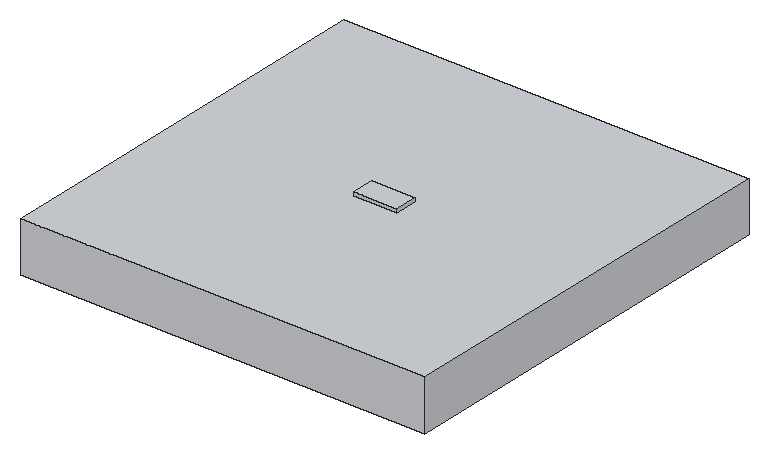
Revit family
Parameters (values of type "-EVS Controller")
  Waste Connection = no
  WFU = 0
  Vent Connection = no
  URL = "http://www.acornengineering.com"
  Model = "0715-002-001"
  Manufacturer = "Acorn Engineering"
  HWFU = 0
  HW Connection = no
  Description = "Master-Trol Electronic Valve Controller"
  Default Elevation = 48"
  CWFU = 0
  CW Connection = no
  Assembly Code = ""
Reference planes (in)
  plane 1 "Center (Front/Back)": y = 0
  plane 2: z = 0
  plane 3 "Center (Left/Right)": x = 0
Forms (in)
  Extrusion 1, solid
    sketch origin (0, 0, 0) x (1, 0, 0) y (0, 1, 0)
      loop
        line (-48, 48) -> (-48, -48) -> (48, -48) -> (48, 48) -> (-48, 48)
    from 0 to -12
  Extrusion 2, solid
    sketch origin (0, 0, 0) x (1, 0, 0) y (0, 1, 0)
      loop
        line (-5.15, 2.65) -> (-5.15, -2.65) -> (5.15, -2.65) -> (5.15, 2.65) -> (-5.15, 2.65)
    from 0 to 0.9
Dimensions and locks (in)
  locked: plane 1 "Center (Front/Back)" to Extrusion 2 sketch curve at 2.65
  locked: Extrusion 2 sketch curve to plane 1 "Center (Front/Back)" at 2.65
  locked: Extrusion 2 sketch curve to plane 3 "Center (Left/Right)" at 5.15
  locked: plane 3 "Center (Left/Right)" to Extrusion 2 sketch curve at 5.15
  aligned and locked: plane 2 to Extrusion 1
  aligned and locked: level to Extrusion 1
Connectors (in)
  electrical at (-3.99881, -2.65, 0.4329)
    settings: on Extrusion 2, index 1
  electrical at (-3.06131, -2.65, 0.4329)
    settings: on Extrusion 2, index 2
  electrical at (-2.62381, -2.65, 0.4329)
    settings: on Extrusion 2, index 3
  electrical at (-1.82783, -2.65, 0.4329)
    settings: on Extrusion 2, index 4
  electrical at (-1.38924, -2.65, 0.4329)
    settings: on Extrusion 2, index 5
  electrical at (-0.95064, -2.65, 0.4329)
    settings: on Extrusion 2, index 6
  electrical at (-0.2034, -2.65, 0.4329)
    settings: on Extrusion 2, index 7
  electrical at (0.2352, -2.65, 0.4329)
    settings: on Extrusion 2, index 8
  electrical at (0.6738, -2.65, 0.4329)
    settings: on Extrusion 2, index 9
  electrical at (1.51535, -2.65, 0.4329)
    settings: on Extrusion 2, index 10
  electrical at (1.95395, -2.65, 0.4329)
    settings: on Extrusion 2, index 11
  electrical at (2.39255, -2.65, 0.4329)
    settings: on Extrusion 2, index 12
  electrical at (3.16158, -2.65, 0.4329)
    settings: on Extrusion 2, index 13
  electrical at (3.60018, -2.65, 0.4329)
    settings: on Extrusion 2, index 14
  electrical at (4.03878, -2.65, 0.4329)
    settings: on Extrusion 2, index 15
